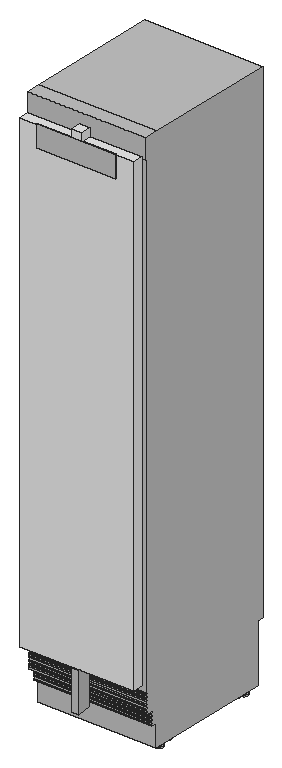
Revit family "FP_Revit_18_RS1884FLJK1_Freezer_90001046A", category Specialty Equipment, Revit 2018
Family settings
  Round Connector Dimension = Use Diameter
  Part Type = Normal
  OmniClass Number = 23.40.40.11.11
  OmniClass Title = Refrigerators and Freezers
  Work Plane-Based = No
  Always vertical = Yes
  Cut with Voids When Loaded = Yes
  Shared = No
  Room Calculation Point = No
Parameters (values of type "RS1884FLJ1")
  Visibility - Water Connection = yes
  Visibility - Visibility Control Note = yes
  Visibility - Clearance Required = yes
  URL = "www.fisherpaykel.com"
  Stainless Steel Door Panels (RD1884L4D) = no
  Product - Width = 451 mm  # constant formula
  Product - Height = 2134 mm  # constant formula
  Product - Depth (exl front panel) = 610 mm  # constant formula
  Model = "RS1884FLJ1"
  Material - Handle = Fisher & Paykel - Aluminium
  Material - Door Structure = Fisher & Paykel - White
  Material - Door Front = Fisher & Paykel - Stainless Steel
  Material - Body = Fisher & Paykel - Grey
  Manufacturer = "Fisher & Paykel Appliances"
  Handle Style - Professional Square (AHV2-RD84) = no
  Handle Style - Professional Round (AHC-RD84) = no
  Handle Style - Contemporary Square (AHD3-RD84) = no
  Handle Style - Contemporary Round (AHS-RD84) = no
  Description = "18\" Integrated Column Freezer with internal ice maker, white interior"
  Connector Description - Water = "1/4\" (6mm) comp. stainless steel braided hose"
  Connector Description - Electrical = "120 V, 10 amp fused electrical supply"
  Cavity - Width = 457 mm  # constant formula
  Cavity - Height = 2134 mm  # constant formula
  Cavity - Depth = 635 mm  # constant formula
Types (3, lengths in mm): name | Model | Description
  (no name) | "RS1884FLJ1" | "18\" Integrated Column Freezer with internal ice maker, white interior"
  RS1884FLJK1 | "RS1884FLJK1" | "18\" Integrated Column Freezer with internal ice maker, stainless steel interior"
  RS1884FLJ1 | "RS1884FLJ1" | "18\" Integrated Column Freezer with internal ice maker, white interior"
Reference planes
  plane 1 "Datum": y = 0
  plane 2: z = 0
  plane 3 "Center (Left/Right)": x = 0
  plane 4 "Product LHS": x = -225.5
  plane 5 "Product RHS": x = 225.5
  plane 6 "Product - Depth": y = 610
  plane 7 "Cavity LHS": x = -228.5
  plane 8 "Cavity RHS": x = 228.5
  plane 9 "Cavity - Depth": y = 612.9
  plane 10 "Handle Offset": x = 162.5
  plane 11 "Product Height": z = 2134
  plane 12 "Cavity Height": z = 2134
  plane 13 "Door Panel Datum": y = -4.1
Forms (mm)
  Extrusion 1, solid, material "Fisher & Paykel - Grey" <- "Material - Body", detail levels fine
    sketch origin (0, 0, 0) x (0, 1, 0) y (0, 0, 1)
      loop
        line (100.1, 19.1) -> (587.9, 19.1) -> (587.9, 239.7) -> (610, 239.7) -> (610, 2131.9) -> (105.1, 2131.9) -> (105.1, 2134) -> (49.9, 2134) -> (49.9, 2059) -> (56, 2059) -> (56, 228.6) -> (59.5, 228.6) -> (59.5, 219.7) -> (56.5, 219.7) -> (56.5, 215.9) -> (59.5, 215.9) -> (59.5, 207) -> (56.5, 207) -> (56.5, 203.2) -> (59.5, 203.2) -> (59.5, 194.3) -> (56.5, 194.3) -> (56.5, 190.5) -> (59.5, 190.5) -> (59.5, 181.6) -> (56.5, 181.6) -> (56.5, 177.8) -> (59.5, 177.8) -> (59.5, 168.9) -> (56.5, 168.9) -> (56.5, 165.1) -> (59.5, 165.1) -> (59.5, 156.2) -> (56.5, 156.2) -> (56.5, 152.4) -> (84.1, 152.4) -> (84.1, 143.5) -> (81.1, 143.5) -> (81.1, 139.7) -> (84.1, 139.7) -> (84.1, 130.8) -> (81.1, 130.8) -> (81.1, 127) -> (84.1, 127) -> (84.1, 118.1) -> (81.1, 118.1) -> (81.1, 114.3) -> (84.1, 114.3) -> (84.1, 105.4) -> (81.1, 105.4) -> (81.1, 101.6) -> (100.1, 101.6) -> (100.1, 19.1)
    from -225.5 to 225.5
  Extrusion 2, solid, material "Fisher & Paykel - Grey" <- "Material - Body"
    sketch origin (0, 0, 0) x (1, 0, 0) y (0, 1, 0)
      loop
        circle (-205, 547.8) r 4.1
      loop
        circle (-205, 141.8) r 4.1
      loop
        circle (205, 547.8) r 4.1
      loop
        circle (205, 141.8) r 4.1
    from 3 to 19.5
  Extrusion 3, solid, material "Fisher & Paykel - Grey" <- "Material - Body"
    sketch origin (0, 0, 0) x (1, 0, 0) y (0, 1, 0)
      loop
        circle (-205, 547.8) r 14.5
      loop
        circle (-205, 141.8) r 14.555
      loop
        circle (205, 547.8) r 14.5
      loop
        circle (205, 141.8) r 14.555
    from 0 to 3
  Extrusion 4, solid, material "Fisher & Paykel - Grey" <- "Material - Body", detail levels fine
    sketch origin (0, 0, 0) x (1, 0, 0) y (0, 1, 0)
      loop
        line (-7.5, 49) -> (-13.797, -4.1) -> (13.797, -4.1) -> (7.5, 49) -> (-7.5, 49)
    from 104.2 to 254.2
  Extrusion 5, solid, material "Fisher & Paykel - Grey" <- "Material - Body", detail levels fine
    sketch origin (0, 0, 0) x (0, 1, 0) y (0, 0, 1)
      loop
        line (0, 2070.6) -> (0, 1988.6) -> (2, 1988.6) -> (2, 2068.6) -> (4, 2068.6) -> (4, 2070.6) -> (0, 2070.6)
    from -150 to 150
  Extrusion 6, solid, material "Fisher & Paykel - Grey" <- "Material - Body"
    sketch origin (0, 0, 0) x (1, 0, 0) y (0, 0, 1)
      loop
        circle (150.5, 119.813) r 5
      loop
        circle (-150.5, 119.813) r 5
    from -590 to -587.9
  Extrusion 7, solid, material "Fisher & Paykel - White" <- "Material - Door Structure"
    sketch origin (0, 0, 0) x (1, 0, 0) y (0, 1, 0)
      loop
        line (-200.5, 56) -> (-200.5, 42) -> (200.5, 42) -> (200.5, 56) -> (-200.5, 56)
    from 269.6 to 2030.7
  Extrusion 8, solid, material "Fisher & Paykel - White" <- "Material - Door Structure"
    sketch origin (0, 0, 0) x (1, 0, 0) y (0, 1, 0)
      loop
        line (-216.9, 42) -> (-216.9, 3) -> (216.9, 3) -> (216.9, 42) -> (-216.9, 42)
    from 254.2 to 2068.6
  Extrusion 9, solid, material "Fisher & Paykel - White" <- "Material - Door Structure", detail levels fine
    sketch origin (0, 0, 0) x (1, 0, 0) y (0, 0, 1)
      loop
        line (-18.92, 2100.1) -> (-18.92, 2068.6) -> (18.92, 2068.6) -> (18.92, 2100.1) -> (-18.92, 2100.1)
    from -42 to -3
  Extrusion 10, solid, material "Fisher & Paykel - Stainless Steel" <- "Material - Door Front", visible <- "Stainless Steel Door Panels (RD1884L4D)"
    sketch origin (0, 0, 0) x (0, 1, 0) y (0, 0, 1)
      loop
        line (-22.1, 2130.8) -> (-22.1, 102) -> (-4.1, 102) -> (-4.1, 2130.8) -> (-22.1, 2130.8)
    from -225.5 to 225.5
  Extrusion 11, solid, material "Fisher & Paykel - Grey" <- "Material - Body", detail levels coarse+medium
    sketch origin (0, 0, 0) x (0, 1, 0) y (0, 0, 1)
      loop
        line (49.9, 2134) -> (49.9, 2059) -> (56, 2059) -> (56, 152.4) -> (81.1, 152.4) -> (81.1, 101.6) -> (100.1, 101.6) -> (100.1, 19.1) -> (587.9, 19.1) -> (587.9, 239.7) -> (610, 239.7) -> (610, 2134) -> (49.9, 2134)
    from -225.5 to 225.5
  Extrusion 12, solid, material "Fisher & Paykel - Grey" <- "Material - Body", not visible, detail levels fine
    sketch origin (0, 0, 0) x (-1, 0, 0) y (0, 0, -1)
      loop
        line (213.9, -187.65) -> (18.92, -187.65) -> (18.92, -229.75) -> (213.9, -229.75) -> (213.9, -187.65)
    from -56 to -2.5
  Extrusion 13, solid, material "Fisher & Paykel - Grey" <- "Material - Body", not visible, detail levels fine
    sketch origin (0, 0, 0) x (-1, 0, 0) y (0, 0, -1)
      loop
        line (213.9, -2123.15) -> (213.9, -2081.05) -> (18.92, -2081.05) -> (18.92, -2123.15) -> (213.9, -2123.15)
    from -49 to -2.5
  Extrusion 14, solid, material "Fisher & Paykel - Grey" <- "Material - Body", detail levels fine
    sketch origin (0, 0, -4) x (0, 1, 0) y (0, 0, 1)
      loop
        arc (163.888, 23.1) -> (180.4, 13.63) -> (196.912, 23.1) r 19.13
        line (196.912, 23.1) -> (163.888, 23.1)
      loop
        arc (493.888, 23.1) -> (510.4, 13.63) -> (526.912, 23.1) r 19.13
        line (526.912, 23.1) -> (493.888, 23.1)
    from 191 to 219
  Extrusion 15, solid, material "Fisher & Paykel - Grey" <- "Material - Body", detail levels fine
    sketch origin (0, 0, -4) x (0, 1, 0) y (0, 0, -1)
      loop
        line (163.888, -23.1) -> (196.912, -23.1)
        arc (196.912, -23.1) -> (180.4, -13.63) -> (163.888, -23.1) r 19.13
      loop
        line (493.888, -23.1) -> (526.912, -23.1)
        arc (526.912, -23.1) -> (510.4, -13.63) -> (493.888, -23.1) r 19.13
    from 191 to 219
  Extrusion 16, solid, material "Fisher & Paykel - Clearance Required", visible <- "Visibility - Clearance Required", detail levels coarse
    sketch origin (0, 0, 0) x (1, 0, 0) y (0, 1, 0)
      loop
        line (-228.5, 612.9) -> (-228.5, -4.1) -> (228.5, -4.1) -> (228.5, 612.9) -> (-228.5, 612.9)
    from 0 to 2134
  Extrusion 17, void
    sketch origin (0, 0, 0) x (1, 0, 0) y (0, 1, 0)
      loop
        line (-228.5, 612.9) -> (-228.5, -22.1) -> (228.5, -22.1) -> (228.5, 612.9) -> (-228.5, 612.9)
    from 0 to 2134
  Extrusion 18, solid, material "Fisher & Paykel - Clearance Required", visible <- "Visibility - Clearance Required", detail levels coarse
    sketch origin (0, 0, 0) x (-1, 0, 0) y (0, -1, 0)
      loop
        arc (225.5, 22.1) -> (228.203, 56.776) -> (262.718, 61.068) r 27.5
        line (262.718, 61.068) -> (415.635, 388.999) -> (441.854, 376.772)
        arc (441.854, 376.772) -> (467.405, 384.437) -> (458.764, 409.674) r 18.51
        line (458.764, 409.674) -> (431.257, 422.501) -> (453.319, 469.813)
        arc (453.319, 469.813) -> (-5.304, 426.707) -> (-225.5, 22.1) r 490
        line (-225.5, 22.1) -> (225.5, 22.1)
    from 0 to 2134
  Extrusion 19, solid, material "Fisher & Paykel - Grey" <- "Material - Body", not visible, detail levels fine
    sketch origin (0, 0, 0) x (-1, 0, 0) y (0, 0, -1)
      loop
        line (41.9, -254.2) -> (206.9, -254.2) -> (206.9, -229.75) -> (41.9, -229.75) -> (41.9, -254.2)
      loop
        line (29.5, -2081.05) -> (166.9, -2081.05) -> (206.9, -2076.05) -> (206.9, -2068.6) -> (29.5, -2068.6) -> (29.5, -2081.05)
    from -7 to -4
Lines and regions (mm)
  model lines, style "Fisher & Paykel"
    curve 1: line (-225.5, -4.1, 2130.8) -> (225.5, -4.1, 2130.8)
    curve 2: line (-225.5, -4.1, 102) -> (-225.5, -4.1, 2130.8)
    curve 3: line (225.5, -4.1, 102) -> (-225.5, -4.1, 102)
    curve 4: line (225.5, -4.1, 2130.8) -> (225.5, -4.1, 102)
Text (mm)
  text "Due to ongoing product development, product details are subject to change without notice. \nPlease always refer to www.fisherpaykel.com for the most current product information. \n© Fisher & Paykel 2020" at (41.04, -588.295, 0), in view "Ref. Level (Plan)"
Dimensions and locks
  equal spacing: plane 4 "Product LHS", plane 3 "Center (Left/Right)", plane 5 "Product RHS"
  "Product - Width": plane 4 "Product LHS" to plane 5 "Product RHS"
  "Product - Depth (exl front panel)": plane 1 "Datum" to plane 6 "Product - Depth"
  equal spacing: plane 7 "Cavity LHS", plane 3 "Center (Left/Right)", plane 8 "Cavity RHS"
  "Cavity - Width": plane 7 "Cavity LHS" to plane 8 "Cavity RHS"
  plane 4 "Product LHS" to Extrusion 2 sketch curve = 24.6 mm
  Extrusion 6 sketch curve to Extrusion 1 = 119.887 mm  (x2)
  Extrusion 6 sketch curve to plane 5 "Product RHS" = 75 mm
  plane 4 "Product LHS" to Extrusion 6 sketch curve = 75 mm
  Extrusion 1 sketch curve to Extrusion 1 sketch curve = 82.5 mm
  Extrusion 1 sketch curve to Extrusion 1 sketch curve = 209.5 mm
  Extrusion 1 sketch curve to Extrusion 1 sketch curve = 220.6 mm
  Extrusion 3 to level = 3 mm
  Extrusion 11 to Extrusion 8 = 235.1 mm
  Extrusion 11 to Extrusion 7 = 250.5 mm
  Extrusion 11 to Extrusion 11 = 2114.9 mm
  "Product - Height": level to plane 11 "Product Height"
  plane 11 "Product Height" to Extrusion 10 = 3.2 mm
  Extrusion 8 to plane 11 "Product Height" = 65.4 mm
  Extrusion 7 to plane 11 "Product Height" = 103.3 mm
  Extrusion 11 sketch curve to plane 11 "Product Height" = 75 mm
  Extrusion 1 sketch curve to plane 11 "Product Height" = 2.1 mm
  Extrusion 1 sketch curve to plane 11 "Product Height" = 75 mm
  "Cavity - Height": plane 12 "Cavity Height" to level
  plane 1 "Datum" to Extrusion 16 = 612.9 mm
  plane 1 "Datum" to Extrusion 17 = 612.9 mm
  plane 4 "Product LHS" to plane 10 "Handle Offset" = 388 mm
  plane 4 "Product LHS" to Extrusion 19 sketch curve = 18.6 mm
  Extrusion 19 sketch curve to plane 4 "Product LHS" = 196 mm
  plane 4 "Product LHS" to Extrusion 19 sketch curve = 58.6 mm
  plane 1 "Datum" to Extrusion 18 = 22.1 mm
  "Cavity - Depth": plane 9 "Cavity - Depth" to Extrusion 18
  plane 10 "Handle Offset" to plane 5 "Product RHS" = 63 mm
  radius of Extrusion 6 sketch curve = 5 mm
  aligned and locked: level to plane 2
  aligned and locked: Extrusion 10 to plane 5 "Product RHS"
  aligned and locked: plane 4 "Product LHS" to Extrusion 10
  aligned and locked: Extrusion 11 to plane 5 "Product RHS"
  aligned and locked: Extrusion 11 to plane 4 "Product LHS"
  aligned and locked: Extrusion 11 sketch curve to plane 11 "Product Height"
  aligned and locked: plane 11 "Product Height" to Extrusion 1 sketch curve
  aligned and locked: Extrusion 14 sketch curve to Extrusion 14 sketch curve
  aligned and locked: Extrusion 15 sketch curve to Extrusion 15 sketch curve
  aligned and locked: Extrusion 1 to plane 5 "Product RHS"
  aligned and locked: plane 4 "Product LHS" to Extrusion 1
  aligned and locked: Extrusion 11 sketch curve to Extrusion 1  (x4)
  aligned and locked: nested 5 to plane 10 "Handle Offset"
  aligned and locked: nested 4 to plane 10 "Handle Offset"
  aligned and locked: nested 3 to plane 10 "Handle Offset"
  aligned and locked: nested 2 to plane 10 "Handle Offset"
Automatic sketch dimensions
  Extrusion 1 sketch curve to plane 6 "Product - Depth" = 0 mm
  Extrusion 1 sketch curve to Extrusion 1 sketch curve = 22.1 mm
  Extrusion 1 sketch curve to plane 1 "Datum" = 105.1 mm
  level to Extrusion 1 sketch curve = 19.1 mm
  Extrusion 1 sketch curve to plane 1 "Datum" = 100.1 mm
  Extrusion 1 sketch curve to Extrusion 1 sketch curve = 16 mm
  Extrusion 1 sketch curve to Extrusion 1 sketch curve = 0 mm  (x8)
  Extrusion 1 sketch curve to Extrusion 1 sketch curve = 3 mm  (x10)
  Extrusion 1 sketch curve to plane 1 "Datum" = 59.5 mm
  Extrusion 1 sketch curve to plane 1 "Datum" = 56 mm
  Extrusion 1 sketch curve to plane 1 "Datum" = 49.9 mm
  Extrusion 1 sketch curve to Extrusion 1 sketch curve = 3.8 mm  (x10)
  Extrusion 1 sketch curve to Extrusion 1 sketch curve = 8.9 mm  (x9)
  Extrusion 2 sketch curve to plane 4 "Product LHS" = 20.5 mm  (x2)
  plane 5 "Product RHS" to Extrusion 2 sketch curve = 20.5 mm  (x2)
  Extrusion 2 sketch curve to plane 1 "Datum" = 141.8 mm  (x2)
  Extrusion 2 sketch curve to plane 6 "Product - Depth" = 62.2 mm  (x2)
  Extrusion 3 sketch curve to plane 4 "Product LHS" = 20.5 mm  (x2)
  plane 5 "Product RHS" to Extrusion 3 sketch curve = 20.5 mm  (x2)
  Extrusion 3 sketch curve to plane 1 "Datum" = 141.8 mm  (x2)
  Extrusion 3 sketch curve to plane 6 "Product - Depth" = 62.2 mm  (x2)
  plane 1 "Datum" to Extrusion 4 sketch curve = 4.1 mm
  Extrusion 4 sketch curve to plane 3 "Center (Left/Right)" = 13.797 mm
  Extrusion 4 sketch curve to plane 3 "Center (Left/Right)" = 7.5 mm
  plane 3 "Center (Left/Right)" to Extrusion 4 sketch curve = 7.5 mm
  plane 3 "Center (Left/Right)" to Extrusion 4 sketch curve = 13.797 mm
  Extrusion 4 sketch curve to plane 1 "Datum" = 49 mm
  Extrusion 5 sketch curve to plane 1 "Datum" = 0 mm
  Extrusion 5 sketch curve to plane 1 "Datum" = 2 mm
  Extrusion 5 sketch curve to Extrusion 5 sketch curve = 2 mm  (x2)
  plane 11 "Product Height" to Extrusion 5 sketch curve = 145.4 mm
  plane 11 "Product Height" to Extrusion 5 sketch curve = 65.4 mm
  Extrusion 7 sketch curve to plane 4 "Product LHS" = 25 mm
  plane 5 "Product RHS" to Extrusion 7 sketch curve = 25 mm
  Extrusion 7 sketch curve to plane 1 "Datum" = 42 mm
  Extrusion 7 sketch curve to Extrusion 7 sketch curve = 14 mm
  Extrusion 8 sketch curve to plane 1 "Datum" = 3 mm
  Extrusion 8 sketch curve to plane 4 "Product LHS" = 8.6 mm
  plane 5 "Product RHS" to Extrusion 8 sketch curve = 8.6 mm
  Extrusion 8 sketch curve to Extrusion 8 sketch curve = 39 mm
  Extrusion 9 sketch curve to plane 3 "Center (Left/Right)" = 18.92 mm
  plane 3 "Center (Left/Right)" to Extrusion 9 sketch curve = 18.92 mm
  plane 11 "Product Height" to Extrusion 9 sketch curve = 65.4 mm
  Extrusion 9 sketch curve to Extrusion 9 sketch curve = 31.5 mm
  plane 1 "Datum" to Extrusion 10 sketch curve = 22.1 mm
  plane 1 "Datum" to Extrusion 10 sketch curve = 4.1 mm
  level to Extrusion 10 sketch curve = 102 mm
  plane 11 "Product Height" to Extrusion 10 sketch curve = 3.2 mm
  Extrusion 11 sketch curve to plane 6 "Product - Depth" = 0 mm
  Extrusion 11 sketch curve to plane 6 "Product - Depth" = 22.1 mm
  Extrusion 11 sketch curve to plane 1 "Datum" = 100.1 mm
  Extrusion 11 sketch curve to Extrusion 11 sketch curve = 19 mm
  Extrusion 11 sketch curve to plane 1 "Datum" = 56 mm
  Extrusion 11 sketch curve to plane 1 "Datum" = 49.9 mm
  plane 3 "Center (Left/Right)" to Extrusion 12 sketch curve = 18.92 mm
  plane 4 "Product LHS" to Extrusion 12 sketch curve = 11.6 mm
  Extrusion 12 sketch curve to level = 187.65 mm
  Extrusion 12 sketch curve to Extrusion 12 sketch curve = 42.1 mm
  plane 3 "Center (Left/Right)" to Extrusion 13 sketch curve = 18.92 mm
  plane 4 "Product LHS" to Extrusion 13 sketch curve = 11.6 mm
  Extrusion 13 sketch curve to plane 11 "Product Height" = 52.95 mm
  Extrusion 13 sketch curve to plane 11 "Product Height" = 10.85 mm
  level to Extrusion 14 sketch curve = 19.1 mm
  Extrusion 14 sketch curve to plane 1 "Datum" = 163.888 mm
  Extrusion 14 sketch curve to Extrusion 14 sketch curve = 16.512 mm  (x2)
  Extrusion 14 sketch curve to plane 6 "Product - Depth" = 116.112 mm
  Extrusion 14 sketch curve to Extrusion 14 sketch curve = 9.66 mm  (x2)
  level to Extrusion 15 sketch curve = 19.1 mm
  Extrusion 15 sketch curve to plane 1 "Datum" = 163.888 mm
  Extrusion 15 sketch curve to Extrusion 15 sketch curve = 16.512 mm  (x2)
  Extrusion 15 sketch curve to plane 6 "Product - Depth" = 116.112 mm
  Extrusion 15 sketch curve to Extrusion 15 sketch curve = 9.66 mm  (x2)
  Extrusion 16 sketch curve to plane 7 "Cavity LHS" = 0 mm
  Extrusion 16 sketch curve to plane 8 "Cavity RHS" = 0 mm
  Extrusion 16 sketch curve to plane 9 "Cavity - Depth" = 0 mm
  plane 1 "Datum" to Extrusion 16 sketch curve = 4.1 mm
  Extrusion 17 sketch curve to plane 7 "Cavity LHS" = 0 mm
  Extrusion 17 sketch curve to plane 8 "Cavity RHS" = 0 mm
  plane 9 "Cavity - Depth" to Extrusion 17 sketch curve = 0 mm
  plane 1 "Datum" to Extrusion 17 sketch curve = 22.1 mm
  Extrusion 18 sketch curve to plane 5 "Product RHS" = 0 mm
  plane 4 "Product LHS" to Extrusion 18 sketch curve = 0 mm
  Extrusion 18 sketch curve to plane 7 "Cavity LHS" = 19.59 mm
  Extrusion 18 sketch curve to Extrusion 18 sketch curve = 14.629 mm
  Extrusion 18 sketch curve to plane 1 "Datum" = 17.663 mm
  Extrusion 18 sketch curve to Extrusion 18 sketch curve = 16.39 mm
  Extrusion 18 sketch curve to plane 7 "Cavity LHS" = 187.135 mm
  Extrusion 18 sketch curve to Extrusion 18 sketch curve = 15.622 mm
  Extrusion 18 sketch curve to Extrusion 18 sketch curve = 26.219 mm
  Extrusion 18 sketch curve to Extrusion 18 sketch curve = 9.088 mm
  Extrusion 18 sketch curve to Extrusion 18 sketch curve = 22.062 mm
  Extrusion 18 sketch curve to Extrusion 18 sketch curve = 7.823 mm
  Extrusion 18 sketch curve to plane 1 "Datum" = 22.1 mm
  Extrusion 18 sketch curve to Extrusion 18 sketch curve = 20.12 mm
  Extrusion 18 sketch curve to Extrusion 18 sketch curve = 93.041 mm
  Extrusion 18 sketch curve to Extrusion 18 sketch curve = 16.126 mm
  plane 3 "Center (Left/Right)" to Extrusion 19 sketch curve = 41.9 mm
  plane 4 "Product LHS" to Extrusion 19 sketch curve = 18.6 mm
  Extrusion 19 sketch curve to level = 229.75 mm
  Extrusion 19 sketch curve to Extrusion 19 sketch curve = 24.45 mm
  Extrusion 19 sketch curve to plane 11 "Product Height" = 65.4 mm
  Extrusion 19 sketch curve to Extrusion 19 sketch curve = 7.45 mm
  Extrusion 19 sketch curve to Extrusion 19 sketch curve = 5 mm
  plane 5 "Product RHS" to curve 1 = 0 mm
  plane 4 "Product LHS" to curve 3 = 0 mm
  level to curve 3 = 102 mm
  plane 11 "Product Height" to curve 2 = 3.2 mm
  radius of Extrusion 2 sketch curve = 4.1 mm  (x3)
  radius of Extrusion 3 sketch curve = 14.5 mm  (x2)
  radius of Extrusion 3 sketch curve = 14.555 mm  (x2)
  radius of Extrusion 6 sketch curve = 5 mm
Nested families
  nested 1: "Visibility Control Note 18" at (0, 0, 0), visible <- "Visibility - Visibility Control Note", type "Visibility Control Note 18"
  nested 2: "Handle Contemporary Round - Vertical" at (162.5, -22.1, 1242.58), visible <- "Handle Style - Contemporary Round (AHS-RD84)", type "AHS-RD84 - Contemporary round handle (Vertical) 852mm"
  nested 3: "Handle Professional Round - Vertical" at (162.5, -22.1, 1242.58), visible <- "Handle Style - Professional Round (AHC-RD84)", type "AHC-RD84 - Professional round handle (Vertical) 786mm"
  nested 4: "Handle Professional Square - Vertical" at (162.5, -22.1, 1242.58), visible <- "Handle Style - Professional Square (AHV2-RD84)", type "AHV2-RD84 - Professional square handle (Vertical) 792mm"
  nested 5: "Handle Contemporary Square - Vertical" at (162.5, -22.1, 1242.58), visible <- "Handle Style - Contemporary Square (AHD3-RD84)", type "AHD3-RD84 - Contemporary square handle (Vertical) 852mm"
Connectors
  electrical at (-150.5, 590, 119.813), driven by "Connector Description - Electrical"
    settings: on Extrusion 6, index 1, voltage 120 V, apparent load 0 VA, apparent load phase1 0 VA, apparent load phase2 0 VA, apparent load phase3 0 VA, power factor 1, load classification "Other", number of poles 1, system type 30, power factor state 1, is connector primary yes, connector utility no, sub classification motor no, connector description "120 V, 10 amp fused electrical supply"
  piping at (150.5, 590, 119.813), diameter 12.7, driven by "Connector Description - Water", driven by "Visibility - Water Connection"
    settings: on Extrusion 6, index 2, connector inside diameter 609.6 mm, connector length 0 mm, flow factor 0, pipe flow 0.0 L/s, pressure drop 0.0 Pa, fitting loss kfactor 0, connector angle 0.00°, fixture units 0, engagement length 0 mm, angle of deflection 0.00°, flow configuration 0, flow direction 1, fitting loss method 0, system type 20, joint type 0, gender type 0, connector reference index -1, connector utility 1, adjustable connector no, is connector primary yes, connector description "1/4\" (6mm) comp. stainless steel braided hose"
Definition of nested family "Handle Contemporary Round - Vertical"
  Parameters (values of type "AHSRS80A - Contemporary round handle (1 of 2) (Vertical) 727mm")
    URL = "www.fisherpaykel.com"
    Material - Handle = none
    Manufacturer = "Fisher & Paykel Appliances"
    Handle - Length = 727 mm
  Types (6, lengths in mm): name | Handle - Length
    AHS-RD21 - Contemporary round handle (Vertical) 852mm | 852
    AHSRD2484W - Contemporary round handle (1 of 2) (Vertical) 727mm | 727
    AHSRD3084W - Contemporary round handle (1 of 2) (Vertical) 727mm | 727
    AHS-RD84 - Contemporary round handle (Vertical) 852mm | 852
    AHSRS3272A - Contemporary round handle (1 of 2) (Vertical) 727mm | 727
    AHSRS80A - Contemporary round handle (1 of 2) (Vertical) 727mm | 727
  Reference planes
    plane 1 "Center (Front/Back)": y = 0
    plane 2: z = 0
    plane 3 "Center (Left/Right)": x = 0
    plane 4 "Top": z = 363.5
    plane 5 "Bottom": z = -363.5
    plane 6 "Top Standoff": z = 243.5
    plane 7 "Bottom Standoff": z = -243.5
  Forms (mm)
    Extrusion 1, solid, material <- "Material - Handle"
      sketch origin (0, 0, 0) x (1, 0, 0) y (0, 1, 0)
        loop
          circle (0, -32.3) r 8.7
      from -243.5 to 243.5
    Extrusion 2, solid, material <- "Material - Handle", detail levels fine
      sketch origin (0, 0, 0) x (1, 0, 0) y (0, 1, 0)
        loop
          line (-8.7, 0) -> (-8.7, -32.3)
          arc (-8.7, -32.3) -> (0, -41) -> (8.7, -32.3) r 8.7
          line (8.7, -32.3) -> (8.7, 0) -> (-8.7, 0)
      from 243.5 to 363.5
    Extrusion 3, solid, material <- "Material - Handle", detail levels fine
      sketch origin (0, 0, 0) x (1, 0, 0) y (0, 1, 0)
        loop
          line (-8.7, 0) -> (-8.7, -32.3)
          arc (-8.7, -32.3) -> (0, -41) -> (8.7, -32.3) r 8.7
          line (8.7, -32.3) -> (8.7, 0) -> (-8.7, 0)
      from -363.5 to -243.5
    Sweep 4, void
      path in 3D
        loop
          line (8.7, 0, -363.5) -> (8.7, -32.3, -363.5)
          arc (8.7, -32.3, -363.5) -> (0, -41, -363.5) -> (-8.7, -32.3, -363.5) r 8.7
          line (-8.7, -32.3, -363.5) -> (-8.7, 0, -363.5)
      profile origin (8.7, -16.15, -363.5) x (-1, 0, 0) y (0, 0, -1)
        loop
          line (0, 0) -> (0, -1) -> (1, 0) -> (0, 0)
    Sweep 5, void
      path in 3D
        loop
          line (-8.7, 0, 363.5) -> (-8.7, -32.3, 363.5)
          arc (-8.7, -32.3, 363.5) -> (0, -41, 363.5) -> (8.7, -32.3, 363.5) r 8.7
          line (8.7, -32.3, 363.5) -> (8.7, 0, 363.5)
      profile origin (8.7, -16.15, 363.5) x (-1, 0, 0) y (0, 0, 1)
        loop
          line (0, 0) -> (0, -1) -> (1, 0) -> (0, 0)
    Extrusion 6, solid, material <- "Material - Handle", detail levels coarse+medium
      sketch origin (0, 0, 0) x (1, 0, 0) y (0, 1, 0)
        loop
          line (-8.7, 0) -> (-8.7, -32.3)
          arc (-8.7, -32.3) -> (0, -41) -> (8.7, -32.3) r 8.7
          line (8.7, -32.3) -> (8.7, 0) -> (-8.7, 0)
      from 243.5 to 363.5
    Extrusion 7, solid, material <- "Material - Handle", detail levels coarse+medium
      sketch origin (0, 0, 0) x (1, 0, 0) y (0, 1, 0)
        loop
          line (-8.7, 0) -> (-8.7, -32.3)
          arc (-8.7, -32.3) -> (0, -41) -> (8.7, -32.3) r 8.7
          line (8.7, -32.3) -> (8.7, 0) -> (-8.7, 0)
      from -363.5 to -243.5
  Cuts and joins
    Sweep 4 cuts Extrusion 3
    Sweep 5 cuts Extrusion 2
  Lines and regions (mm)
    sketch lines
      curve 1: line (8.7, 0, -363.5) -> (8.7, -32.3, -363.5)
      curve 2: arc (-8.7, -32.3, -363.5) -> (0, -41, -363.5) -> (8.7, -32.3, -363.5) r 8.7
      curve 3: line (-8.7, -32.3, -363.5) -> (-8.7, 0, -363.5)
      curve 4: line (8.7, -32.3, 363.5) -> (8.7, 0, 363.5)
      curve 5: arc (8.7, -32.3, 363.5) -> (0, -41, 363.5) -> (-8.7, -32.3, 363.5) r 8.7
      curve 6: line (-8.7, 0, 363.5) -> (-8.7, -32.3, 363.5)
  Dimensions and locks
    equal spacing: plane 4 "Top", level, plane 5 "Bottom"
    "Handle - Length": plane 4 "Top" to plane 5 "Bottom"
    locked: plane 4 "Top" to plane 6 "Top Standoff" at 120
    locked: plane 7 "Bottom Standoff" to plane 5 "Bottom" at 120
    Extrusion 2 sketch curve to Extrusion 2 sketch curve = 17.4 mm
    Extrusion 3 sketch curve to Extrusion 3 sketch curve = 17.4 mm
    Extrusion 6 sketch curve to Extrusion 6 sketch curve = 17.4 mm
    Extrusion 7 sketch curve to Extrusion 7 sketch curve = 17.4 mm
    aligned and locked: level to plane 2
    aligned and locked: plane 4 "Top" to Extrusion 2
    aligned and locked: Extrusion 3 to plane 5 "Bottom"
    aligned and locked: plane 7 "Bottom Standoff" to Extrusion 3
    aligned and locked: Extrusion 1 to plane 7 "Bottom Standoff"
    aligned and locked: plane 6 "Top Standoff" to Extrusion 1
    aligned and locked: Extrusion 2 to Extrusion 1
    aligned and locked: Extrusion 6 to Extrusion 1
    aligned and locked: plane 4 "Top" to Extrusion 6
    aligned and locked: Extrusion 7 to Extrusion 1
    aligned and locked: Extrusion 7 to plane 5 "Bottom"
  Automatic sketch dimensions
    Extrusion 1 sketch curve to plane 3 "Center (Left/Right)" = 0 mm
    plane 1 "Center (Front/Back)" to Extrusion 1 sketch curve = 32.3 mm
    plane 1 "Center (Front/Back)" to Extrusion 2 sketch curve = 0 mm
    Extrusion 2 sketch curve to plane 3 "Center (Left/Right)" = 0 mm
    Extrusion 2 sketch curve to plane 3 "Center (Left/Right)" = 8.7 mm
    plane 1 "Center (Front/Back)" to Extrusion 2 sketch curve = 32.3 mm
    plane 1 "Center (Front/Back)" to Extrusion 3 sketch curve = 0 mm
    Extrusion 3 sketch curve to plane 3 "Center (Left/Right)" = 0 mm
    Extrusion 3 sketch curve to plane 3 "Center (Left/Right)" = 8.7 mm
    plane 1 "Center (Front/Back)" to Extrusion 3 sketch curve = 32.3 mm
    Sweep 4 sketch curve to profile plane = 0 mm  (x2)
    Sweep 4 sketch curve to profile plane = 1 mm  (x2)
    Sweep 5 sketch curve to profile plane = 0 mm  (x2)
    Sweep 5 sketch curve to profile plane = 1 mm  (x2)
    Extrusion 6 sketch curve to plane 3 "Center (Left/Right)" = 0 mm
    Extrusion 6 sketch curve to plane 3 "Center (Left/Right)" = 8.7 mm
    plane 1 "Center (Front/Back)" to Extrusion 6 sketch curve = 32.3 mm
    Extrusion 6 sketch curve to Extrusion 6 sketch curve = 32.3 mm
    Extrusion 7 sketch curve to plane 3 "Center (Left/Right)" = 0 mm
    Extrusion 7 sketch curve to plane 3 "Center (Left/Right)" = 8.7 mm
    plane 1 "Center (Front/Back)" to Extrusion 7 sketch curve = 32.3 mm
    Extrusion 7 sketch curve to Extrusion 7 sketch curve = 32.3 mm
    radius of Extrusion 1 sketch curve = 8.7 mm
Definition of nested family "Handle Professional Round - Vertical"
  Parameters (values of type "AHCRD2484W - Professional round handle (1 of 2) (Vertical) 661mm")
    URL = "www.fisherpaykel.com"
    Material - Standoff = none
    Material - Handle = none
    Manufacturer = "Fisher & Paykel Appliances"
    Handle - Length = 661 mm
  Types (5, lengths in mm): name | Handle - Length
    (no name) | 661
    AHCRD2484W - Professional round handle (1 of 2) (Vertical) 661mm | 661
    AHCRD3084W - Professional round handle (1 of 2) (Vertical) 661mm | 661
    AHC-RD84 - Professional round handle (Vertical) 786mm | 786
    AHCRS3272A - Professional round handle (1 of 2) (Vertical) 661mm | 661
  Reference planes
    plane 1 "Center (Front/Back)": y = 0
    plane 2: z = 0
    plane 3 "Center (Left/Right)": x = 0
    plane 4 "Top": z = 330.5
    plane 5 "Bottom": z = -330.5
    plane 6 "Top Standoff": z = 286.5
    plane 7 "Bottom Standoff": z = -286.5
  Forms (mm)
    Extrusion 1, solid, material <- "Material - Standoff", detail levels fine
      sketch origin (0, 0, 0) x (1, 0, 0) y (0, 1, 0)
        loop
          line (-18.5, 0) -> (-18.5, -39.4)
          arc (-18.5, -39.4) -> (0, -57.9) -> (18.5, -39.4) r 18.5
          line (18.5, -39.4) -> (18.5, 0) -> (-18.5, 0)
      from 286.5 to 330.5
    Extrusion 2, solid, material <- "Material - Standoff", detail levels fine
      sketch origin (0, 0, 0) x (1, 0, 0) y (0, 1, 0)
        loop
          line (-18.5, 0) -> (-18.5, -39.4)
          arc (-18.5, -39.4) -> (0, -57.9) -> (18.5, -39.4) r 18.5
          line (18.5, -39.4) -> (18.5, 0) -> (-18.5, 0)
      from -330.5 to -286.5
    Extrusion 3, solid, material <- "Material - Handle"
      sketch origin (0, 0, 0) x (1, 0, 0) y (0, 1, 0)
        loop
          circle (0, -39.4) r 12.7
      from -286.5 to 286.5
    Sweep 4, void
      path in 3D
        loop
          line (-18.5, 0, 330.5) -> (-18.5, -39.4, 330.5)
          arc (-18.5, -39.4, 330.5) -> (0, -57.9, 330.5) -> (18.5, -39.4, 330.5) r 18.5
          line (18.5, -39.4, 330.5) -> (18.5, 0, 330.5)
      profile origin (18.5, -19.7, 330.5) x (-1, 0, 0) y (0, 0, 1)
        loop
          line (0, 0) -> (0, -3) -> (3, 0) -> (0, 0)
    Sweep 5, void
      path in 3D
        loop
          line (18.5, 0, -330.5) -> (18.5, -39.4, -330.5)
          arc (18.5, -39.4, -330.5) -> (0, -57.9, -330.5) -> (-18.5, -39.4, -330.5) r 18.5
          line (-18.5, -39.4, -330.5) -> (-18.5, 0, -330.5)
      profile origin (18.5, -19.7, -330.5) x (-1, 0, 0) y (0, 0, -1)
        loop
          line (0, 0) -> (0, -3) -> (3, 0) -> (0, 0)
    Extrusion 6, solid, material <- "Material - Standoff", detail levels coarse+medium
      sketch origin (0, 0, 0) x (1, 0, 0) y (0, 1, 0)
        loop
          line (-18.5, 0) -> (-18.5, -39.4)
          arc (-18.5, -39.4) -> (0, -57.9) -> (18.5, -39.4) r 18.5
          line (18.5, -39.4) -> (18.5, 0) -> (-18.5, 0)
      from 286.5 to 330.5
    Extrusion 7, solid, material <- "Material - Standoff", detail levels coarse+medium
      sketch origin (0, 0, 0) x (1, 0, 0) y (0, 1, 0)
        loop
          line (-18.5, 0) -> (-18.5, -39.4)
          arc (-18.5, -39.4) -> (0, -57.9) -> (18.5, -39.4) r 18.5
          line (18.5, -39.4) -> (18.5, 0) -> (-18.5, 0)
      from -330.5 to -286.5
  Cuts and joins
    Sweep 4 cuts Extrusion 1
    Sweep 5 cuts Extrusion 2
  Lines and regions (mm)
    sketch lines
      curve 1: line (18.5, -39.4, 330.5) -> (18.5, 0, 330.5)
      curve 2: arc (18.5, -39.4, 330.5) -> (0, -57.9, 330.5) -> (-18.5, -39.4, 330.5) r 18.5
      curve 3: line (-18.5, 0, 330.5) -> (-18.5, -39.4, 330.5)
      curve 4: line (18.5, 0, -330.5) -> (18.5, -39.4, -330.5)
      curve 5: arc (-18.5, -39.4, -330.5) -> (0, -57.9, -330.5) -> (18.5, -39.4, -330.5) r 18.5
      curve 6: line (-18.5, -39.4, -330.5) -> (-18.5, 0, -330.5)
  Dimensions and locks
    equal spacing: plane 4 "Top", level, plane 5 "Bottom"
    "Handle - Length": plane 4 "Top" to plane 5 "Bottom"
    plane 4 "Top" to plane 6 "Top Standoff" = 44 mm
    plane 7 "Bottom Standoff" to plane 5 "Bottom" = 44 mm
    aligned and locked: level to plane 2
    aligned and locked: plane 4 "Top" to Extrusion 1
    aligned and locked: Extrusion 1 to plane 6 "Top Standoff"
    aligned and locked: Extrusion 2 to plane 5 "Bottom"
    aligned and locked: plane 7 "Bottom Standoff" to Extrusion 2
    aligned and locked: plane 6 "Top Standoff" to Extrusion 3
    aligned and locked: Extrusion 3 to plane 7 "Bottom Standoff"
    aligned and locked: plane 4 "Top" to Extrusion 6
    aligned and locked: Extrusion 7 to plane 5 "Bottom"
    aligned and locked: plane 7 "Bottom Standoff" to Extrusion 7
    aligned and locked: Extrusion 6 to plane 6 "Top Standoff"
  Automatic sketch dimensions
    plane 1 "Center (Front/Back)" to Extrusion 1 sketch curve = 0 mm
    Extrusion 1 sketch curve to plane 3 "Center (Left/Right)" = 0 mm
    Extrusion 1 sketch curve to plane 3 "Center (Left/Right)" = 18.5 mm
    plane 1 "Center (Front/Back)" to Extrusion 1 sketch curve = 39.4 mm
    plane 1 "Center (Front/Back)" to Extrusion 2 sketch curve = 0 mm
    Extrusion 2 sketch curve to plane 3 "Center (Left/Right)" = 0 mm
    Extrusion 2 sketch curve to plane 3 "Center (Left/Right)" = 18.5 mm
    plane 1 "Center (Front/Back)" to Extrusion 2 sketch curve = 39.4 mm
    Extrusion 3 sketch curve to plane 3 "Center (Left/Right)" = 0 mm
    plane 1 "Center (Front/Back)" to Extrusion 3 sketch curve = 39.4 mm
    Sweep 4 sketch curve to profile plane = 0 mm  (x2)
    Sweep 4 sketch curve to profile plane = 3 mm  (x2)
    Sweep 5 sketch curve to profile plane = 0 mm  (x2)
    Sweep 5 sketch curve to profile plane = 3 mm  (x2)
    Extrusion 6 sketch curve to plane 3 "Center (Left/Right)" = 0 mm
    Extrusion 6 sketch curve to plane 3 "Center (Left/Right)" = 18.5 mm
    plane 1 "Center (Front/Back)" to Extrusion 6 sketch curve = 39.4 mm
    Extrusion 6 sketch curve to Extrusion 6 sketch curve = 39.4 mm
    Extrusion 7 sketch curve to plane 3 "Center (Left/Right)" = 0 mm
    Extrusion 7 sketch curve to plane 3 "Center (Left/Right)" = 18.5 mm
    plane 1 "Center (Front/Back)" to Extrusion 7 sketch curve = 39.4 mm
    Extrusion 7 sketch curve to Extrusion 7 sketch curve = 39.4 mm
    radius of Extrusion 3 sketch curve = 12.7 mm
Definition of nested family "Handle Professional Square - Vertical"
  Parameters (values of type "AHV2RS3272A - Professional square handle (1 of 2) (Vertical) 727mm")
    URL = "www.fisherpaykel.com"
    Material - Handle = none
    Manufacturer = "Fisher & Paykel Appliances"
    Handle - Length = 727 mm
  Types (5, lengths in mm): name | Handle - Length
    (no name) | 727
    AHV2RD2484W - Professional square handle (1 of 2) (Vertical) 727mm | 727
    AHV2RD3084W - Professional square handle (1 of 2) (Vertical) 727mm | 727
    AHV2-RD84 - Professional square handle (Vertical) 792mm | 792
    AHV2RS3272A - Professional square handle (1 of 2) (Vertical) 727mm | 727
  Reference planes
    plane 1 "Center (Front/Back)": y = 0
    plane 2: z = 0
    plane 3 "Center (Left/Right)": x = 0
    plane 4 "Top": z = 363.5
    plane 5 "Bottom": z = -363.5
    plane 6 "Top Standoff": z = 313.5
    plane 7 "Bottom Standoff": z = -313.5
  Forms (mm)
    Extrusion 1, solid, material <- "Material - Handle", detail levels fine
      sketch origin (0, 0, 0) x (0, 1, 0) y (0, 0, 1)
        loop
          line (0, 363.5) -> (-40, 363.5)
          arc (-40, 363.5) -> (-47.071, 360.571) -> (-50, 353.5) r 10
          line (-50, 353.5) -> (-50, 313.5) -> (0, 313.5) -> (0, 363.5)
        loop
          line (0, -363.5) -> (0, -313.5) -> (-50, -313.5) -> (-50, -353.5)
          arc (-50, -353.5) -> (-47.071, -360.571) -> (-40, -363.5) r 10
          line (-40, -363.5) -> (0, -363.5)
      from -17.5 to 17.5
    Sweep 2, void
      path in 3D
        loop
          line (17.5, 0, 363.5) -> (17.5, -40, 363.5)
          arc (17.5, -40, 363.5) -> (17.5, -47.071, 360.571) -> (17.5, -50, 353.5) r 10
          line (17.5, -50, 353.5) -> (17.5, -50, 313.5)
      profile origin (17.5, -20, 363.5) x (1, 0, 0) y (0, 0, 1)
        loop
          line (0, 0) -> (-2.5, 0) -> (0, -2.5) -> (0, 0)
    Sweep 3, void
      path in 3D
        loop
          line (-17.5, -50, 313.5) -> (-17.5, -50, 353.5)
          arc (-17.5, -50, 353.5) -> (-17.5, -47.071, 360.571) -> (-17.5, -40, 363.5) r 10
          line (-17.5, -40, 363.5) -> (-17.5, 0, 363.5)
      profile origin (-17.5, -20, 363.5) x (-1, 0, 0) y (0, 0, 1)
        loop
          line (0, 0) -> (-2.5, 0) -> (0, -2.5) -> (0, 0)
    Sweep 4, void
      path in 3D
        loop
          line (17.5, -50, -313.5) -> (17.5, -50, -353.5)
          arc (17.5, -50, -353.5) -> (17.5, -47.071, -360.571) -> (17.5, -40, -363.5) r 10
          line (17.5, -40, -363.5) -> (17.5, 0, -363.5)
      profile origin (17.5, -20, -363.5) x (1, 0, 0) y (0, 0, -1)
        loop
          line (0, 0) -> (-2.5, 0) -> (0, -2.5) -> (0, 0)
    Sweep 5, void
      path in 3D
        loop
          line (-17.5, 0, -363.5) -> (-17.5, -40, -363.5)
          arc (-17.5, -40, -363.5) -> (-17.5, -47.071, -360.571) -> (-17.5, -50, -353.5) r 10
          line (-17.5, -50, -353.5) -> (-17.5, -50, -313.5)
      profile origin (-17.5, -20, -363.5) x (-1, 0, 0) y (0, 0, -1)
        loop
          line (0, 0) -> (-2.5, 0) -> (0, -2.5) -> (0, 0)
    Extrusion 6, solid, material <- "Material - Handle", detail levels fine
      sketch origin (0, 0, 0) x (1, 0, 0) y (0, 1, 0)
        loop
          line (-15.5, -36.737) -> (-15.5, -46.422) -> (-14.172, -47.75) -> (14.172, -47.75) -> (15.5, -46.422) -> (15.5, -36.737)
          arc (15.5, -36.737) -> (0, -32.25) -> (-15.5, -36.737) r 29.013
      from -313.5 to 313.5
    Extrusion 7, solid, material <- "Material - Handle", detail levels coarse+medium
      sketch origin (0, 0, 0) x (0, 1, 0) y (0, 0, 1)
        loop
          line (0, 363.5) -> (-40, 363.5)
          arc (-40, 363.5) -> (-47.071, 360.571) -> (-50, 353.5) r 10
          line (-50, 353.5) -> (-50, -353.5)
          arc (-50, -353.5) -> (-47.071, -360.571) -> (-40, -363.5) r 10
          line (-40, -363.5) -> (0, -363.5) -> (0, -313.5) -> (-31.95, -313.5) -> (-31.95, 313.5) -> (0, 313.5) -> (0, 363.5)
      from -17.5 to 17.5
  Cuts and joins
    Sweep 2, Sweep 3, Sweep 4, Sweep 5 cuts Extrusion 1
  Lines and regions (mm)
    sketch lines
      curve 1: line (17.5, 0, 363.5) -> (17.5, -40, 363.5)
      curve 2: arc (17.5, -50, 353.5) -> (17.5, -47.071, 360.571) -> (17.5, -40, 363.5) r 10
      curve 3: line (17.5, -50, 353.5) -> (17.5, -50, 313.5)
      curve 4: line (-17.5, -40, 363.5) -> (-17.5, 0, 363.5)
      curve 5: arc (-17.5, -40, 363.5) -> (-17.5, -47.071, 360.571) -> (-17.5, -50, 353.5) r 10
      curve 6: line (-17.5, -50, 313.5) -> (-17.5, -50, 353.5)
      curve 7: line (17.5, -40, -363.5) -> (17.5, 0, -363.5)
      curve 8: arc (17.5, -40, -363.5) -> (17.5, -47.071, -360.571) -> (17.5, -50, -353.5) r 10
      curve 9: line (17.5, -50, -313.5) -> (17.5, -50, -353.5)
      curve 10: line (-17.5, 0, -363.5) -> (-17.5, -40, -363.5)
      curve 11: arc (-17.5, -50, -353.5) -> (-17.5, -47.071, -360.571) -> (-17.5, -40, -363.5) r 10
      curve 12: line (-17.5, -50, -353.5) -> (-17.5, -50, -313.5)
  Dimensions and locks
    equal spacing: plane 4 "Top", level, plane 5 "Bottom"
    "Handle - Length": plane 4 "Top" to plane 5 "Bottom"
    plane 7 "Bottom Standoff" to plane 5 "Bottom" = 50 mm
    plane 4 "Top" to plane 6 "Top Standoff" = 50 mm
    aligned and locked: level to plane 2
    aligned and locked: plane 4 "Top" to Extrusion 1 sketch curve
    aligned and locked: plane 5 "Bottom" to Extrusion 1 sketch curve
    aligned and locked: Extrusion 1 sketch curve to plane 1 "Center (Front/Back)"
    aligned and locked: plane 1 "Center (Front/Back)" to Extrusion 1 sketch curve
    aligned and locked: plane 6 "Top Standoff" to Extrusion 1 sketch curve
    aligned and locked: plane 7 "Bottom Standoff" to Extrusion 1 sketch curve
    aligned and locked: plane 6 "Top Standoff" to Extrusion 6
    aligned and locked: Extrusion 6 to plane 7 "Bottom Standoff"
    aligned and locked: plane 4 "Top" to Extrusion 7 sketch curve
    aligned and locked: plane 6 "Top Standoff" to Extrusion 7 sketch curve
    aligned and locked: plane 1 "Center (Front/Back)" to Extrusion 7 sketch curve
    aligned and locked: plane 7 "Bottom Standoff" to Extrusion 7 sketch curve
    aligned and locked: plane 5 "Bottom" to Extrusion 7 sketch curve
    aligned and locked: Extrusion 7 sketch curve to plane 1 "Center (Front/Back)"
  Automatic sketch dimensions
    Sweep 2 sketch curve to profile plane = 0 mm
    profile plane to Sweep 2 sketch curve = 0 mm
    profile plane to Sweep 2 sketch curve = 2.5 mm
    Sweep 2 sketch curve to profile plane = 2.5 mm
    Sweep 3 sketch curve to profile plane = 0 mm  (x2)
    profile plane to Sweep 3 sketch curve = 2.5 mm
    Sweep 3 sketch curve to profile plane = 2.5 mm
    Sweep 4 sketch curve to profile plane = 0 mm
    profile plane to Sweep 4 sketch curve = 0 mm
    profile plane to Sweep 4 sketch curve = 2.5 mm
    Sweep 4 sketch curve to profile plane = 2.5 mm
    Sweep 5 sketch curve to profile plane = 0 mm  (x2)
    profile plane to Sweep 5 sketch curve = 2.5 mm
    Sweep 5 sketch curve to profile plane = 2.5 mm
    plane 1 "Center (Front/Back)" to Extrusion 1 sketch curve = 40 mm  (x2)
    Extrusion 1 sketch curve to Extrusion 1 sketch curve = 10 mm  (x2)
    Extrusion 6 sketch curve to plane 3 "Center (Left/Right)" = 0 mm
    Extrusion 6 sketch curve to Extrusion 6 sketch curve = 1.328 mm  (x4)
    plane 1 "Center (Front/Back)" to Extrusion 6 sketch curve = 61.263 mm
    Extrusion 6 sketch curve to Extrusion 6 sketch curve = 13.513 mm
    Extrusion 6 sketch curve to Extrusion 6 sketch curve = 9.684 mm  (x2)
    Extrusion 6 sketch curve to plane 3 "Center (Left/Right)" = 14.172 mm
    plane 1 "Center (Front/Back)" to Extrusion 7 sketch curve = 31.95 mm
    plane 1 "Center (Front/Back)" to Extrusion 7 sketch curve = 40 mm  (x2)
    Extrusion 7 sketch curve to plane 4 "Top" = 10 mm
Definition of nested family "Handle Contemporary Square - Vertical"
  Parameters (values of type "AHD3RS80A - Contemporary square handle (1 of 2) (Vertical) 727mm")
    URL = "www.fisherpaykel.com"
    Material - Handle = none
    Manufacturer = "Fisher & Paykel Appliances"
    Handle - Length = 727 mm
  Types (7, lengths in mm): name | Handle - Length
    (no name) | 727
    AHD3-RD21 - Contemporary square handle (Vertical) 852mm | 852
    AHD3RD2484W - Contemporary square handle (1 of 2) (Vertical) 727mm | 727
    AHD3RD3084W - Contemporary square handle (1 of 2) (Vertical) 727mm | 727
    AHD3-RD84 - Contemporary square handle (Vertical) 852mm | 852
    AHD3RS3272A - Contemporary square handle (1 of 2) (Vertical) 727mm | 727
    AHD3RS80A - Contemporary square handle (1 of 2) (Vertical) 727mm | 727
  Reference planes
    plane 1 "Center (Front/Back)": y = 0
    plane 2: z = 0
    plane 3 "Center (Left/Right)": x = 0
    plane 4 "Top": z = 363.5
    plane 5 "Bottom": z = -363.5
    plane 6 "Top Standoff": z = 243.5
    plane 7 "Bottom Standoff": z = -243.5
  Forms (mm)
    Extrusion 1, solid, material <- "Material - Handle", detail levels fine
      sketch origin (0, 0, 0) x (1, 0, 0) y (0, 1, 0)
        loop
          arc (-7.583, -28.701) -> (-7.89, -29.057) -> (-8, -29.514) r 1
          line (-8, -29.514) -> (-8, -40.5)
          arc (-8, -40.5) -> (-7.561, -41.561) -> (-6.5, -42) r 1.5
          line (-6.5, -42) -> (6.5, -42)
          arc (6.5, -42) -> (7.561, -41.561) -> (8, -40.5) r 1.5
          line (8, -40.5) -> (8, -29.487)
          arc (8, -29.487) -> (7.889, -29.029) -> (7.58, -28.673) r 1
          arc (7.58, -28.673) -> (-0.006, -26.256) -> (-7.583, -28.701) r 13.038
      from -363.5 to 363.5
    Extrusion 2, solid, material <- "Material - Handle", detail levels fine
      sketch origin (0, 0, 0) x (1, 0, 0) y (0, 1, 0)
        loop
          arc (7.058, -28.23) -> (7.466, -28.244) -> (7.674, -27.893) r 0.4
          line (7.674, -27.893) -> (7.674, 0) -> (-7.674, 0) -> (-7.674, -27.86)
          arc (-7.674, -27.86) -> (-7.467, -28.21) -> (-7.06, -28.198) r 0.4
          arc (-7.06, -28.198) -> (0.004, -26.156) -> (7.058, -28.23) r 13.136
      from 243.5 to 363.5
    Extrusion 3, solid, material <- "Material - Handle", detail levels fine
      sketch origin (0, 0, 0) x (1, 0, 0) y (0, 1, 0)
        loop
          arc (7.058, -28.23) -> (7.466, -28.244) -> (7.674, -27.893) r 0.4
          line (7.674, -27.893) -> (7.674, 0) -> (-7.674, 0) -> (-7.674, -27.86)
          arc (-7.674, -27.86) -> (-7.467, -28.21) -> (-7.06, -28.198) r 0.4
          arc (-7.06, -28.198) -> (0.004, -26.156) -> (7.058, -28.23) r 13.136
      from -363.5 to -243.5
    Sweep 4, void
      path in 3D
        loop
          line (-8, -29.514, 363.5) -> (-8, -40.5, 363.5)
          arc (-8, -40.5, 363.5) -> (-7.561, -41.561, 363.5) -> (-6.5, -42, 363.5) r 1.5
          line (-6.5, -42, 363.5) -> (6.5, -42, 363.5)
          arc (6.5, -42, 363.5) -> (7.561, -41.561, 363.5) -> (8, -40.5, 363.5) r 1.5
          line (8, -40.5, 363.5) -> (8, -29.487, 363.5)
      profile origin (8, -34.994, 363.5) x (-1, 0, 0) y (0, 0, 1)
        loop
          line (0, 0) -> (0, -1.3) -> (1.3, 0) -> (0, 0)
    Sweep 5, void
      path in 3D
        loop
          line (8, -29.487, -363.5) -> (8, -40.5, -363.5)
          arc (8, -40.5, -363.5) -> (7.561, -41.561, -363.5) -> (6.5, -42, -363.5) r 1.5
          line (6.5, -42, -363.5) -> (-6.5, -42, -363.5)
          arc (-6.5, -42, -363.5) -> (-7.561, -41.561, -363.5) -> (-8, -40.5, -363.5) r 1.5
          line (-8, -40.5, -363.5) -> (-8, -29.514, -363.5)
      profile origin (8, -34.994, -363.5) x (-1, 0, 0) y (0, 0, -1)
        loop
          line (0, 0) -> (0, -1.3) -> (1.3, 0) -> (0, 0)
    Extrusion 6, void
      sketch origin (0, 0, 0) x (1, 0, 0) y (0, 0, 1)
        loop
          line (-8, -362.2) -> (-8, -363.5) -> (-6.7, -363.5) -> (-8, -362.2)
        loop
          line (8, -362.2) -> (6.7, -363.5) -> (8, -363.5) -> (8, -362.2)
      from 0 to 40
    Extrusion 7, void
      sketch origin (0, 0, 0) x (1, 0, 0) y (0, 0, 1)
        loop
          line (-8, 363.5) -> (-8, 362.2) -> (-6.7, 363.5) -> (-8, 363.5)
        loop
          line (8, 363.5) -> (6.7, 363.5) -> (8, 362.2) -> (8, 363.5)
      from 0 to 40
    Extrusion 8, solid, material <- "Material - Handle", detail levels coarse+medium
      sketch origin (0, 0, 0) x (0, 1, 0) y (0, 0, 1)
        loop
          line (0, 363.5) -> (-42, 363.5) -> (-42, -363.5) -> (0, -363.5) -> (0, -243.5) -> (-26.245, -243.5) -> (-26.245, 243.5) -> (0, 243.5) -> (0, 363.5)
      from -8 to 8
  Cuts and joins
    Sweep 4, Sweep 5, Extrusion 6, Extrusion 7 cuts Extrusion 1
    Extrusion 6 cuts Extrusion 3
    Extrusion 7 cuts Extrusion 2
  Lines and regions (mm)
    sketch lines
      curve 1: line (8, -40.5, 363.5) -> (8, -29.487, 363.5)
      curve 2: arc (8, -40.5, 363.5) -> (7.561, -41.561, 363.5) -> (6.5, -42, 363.5) r 1.5
      curve 3: line (-6.5, -42, 363.5) -> (6.5, -42, 363.5)
      curve 4: arc (-6.5, -42, 363.5) -> (-7.561, -41.561, 363.5) -> (-8, -40.5, 363.5) r 1.5
      curve 5: line (-8, -29.514, 363.5) -> (-8, -40.5, 363.5)
      curve 6: line (8, -29.487, -363.5) -> (8, -40.5, -363.5)
      curve 7: arc (6.5, -42, -363.5) -> (7.561, -41.561, -363.5) -> (8, -40.5, -363.5) r 1.5
      curve 8: line (6.5, -42, -363.5) -> (-6.5, -42, -363.5)
      curve 9: arc (-8, -40.5, -363.5) -> (-7.561, -41.561, -363.5) -> (-6.5, -42, -363.5) r 1.5
      curve 10: line (-8, -40.5, -363.5) -> (-8, -29.514, -363.5)
  Dimensions and locks
    equal spacing: plane 4 "Top", level, plane 5 "Bottom"
    "Handle - Length": plane 4 "Top" to plane 5 "Bottom"
    locked: plane 4 "Top" to plane 6 "Top Standoff" at 120
    locked: plane 7 "Bottom Standoff" to plane 5 "Bottom" at 120
    aligned and locked: level to plane 2
    aligned and locked: plane 4 "Top" to Extrusion 2
    aligned and locked: Extrusion 2 to plane 6 "Top Standoff"
    aligned and locked: plane 4 "Top" to Extrusion 1
    aligned and locked: Extrusion 1 to plane 5 "Bottom"
    aligned and locked: Extrusion 3 to plane 5 "Bottom"
    aligned and locked: plane 7 "Bottom Standoff" to Extrusion 3
    aligned and locked: plane 4 "Top" to Extrusion 8 sketch curve
    aligned and locked: plane 6 "Top Standoff" to Extrusion 8 sketch curve
    aligned and locked: plane 7 "Bottom Standoff" to Extrusion 8 sketch curve
    aligned and locked: plane 5 "Bottom" to Extrusion 8 sketch curve
    aligned and locked: plane 1 "Center (Front/Back)" to Extrusion 8 sketch curve  (x2)
  Automatic sketch dimensions
    Extrusion 1 sketch curve to plane 3 "Center (Left/Right)" = 8 mm
    Extrusion 1 sketch curve to Extrusion 1 sketch curve = 1 mm  (x2)
    Extrusion 1 sketch curve to Extrusion 1 sketch curve = 1.5 mm
    plane 3 "Center (Left/Right)" to Extrusion 1 sketch curve = 0.018 mm
    plane 3 "Center (Left/Right)" to Extrusion 1 sketch curve = 6.5 mm
    plane 3 "Center (Left/Right)" to Extrusion 1 sketch curve = 7 mm
    plane 1 "Center (Front/Back)" to Extrusion 1 sketch curve = 42 mm
    Extrusion 1 sketch curve to Extrusion 1 sketch curve = 1.206 mm
    Extrusion 1 sketch curve to Extrusion 1 sketch curve = 10.986 mm
    Extrusion 1 sketch curve to Extrusion 1 sketch curve = 11.013 mm
    Extrusion 1 sketch curve to Extrusion 1 sketch curve = 0 mm
    plane 1 "Center (Front/Back)" to Extrusion 2 sketch curve = 0 mm
    Extrusion 2 sketch curve to plane 3 "Center (Left/Right)" = 7.674 mm
    Extrusion 2 sketch curve to Extrusion 2 sketch curve = 0.4 mm  (x2)
    Extrusion 2 sketch curve to plane 3 "Center (Left/Right)" = 0.026 mm
    plane 3 "Center (Left/Right)" to Extrusion 2 sketch curve = 7.274 mm
    plane 1 "Center (Front/Back)" to Extrusion 2 sketch curve = 27.86 mm
    Extrusion 2 sketch curve to Extrusion 2 sketch curve = 0.033 mm
    Extrusion 2 sketch curve to Extrusion 2 sketch curve = 11.398 mm
    Extrusion 2 sketch curve to Extrusion 2 sketch curve = 0 mm
    plane 1 "Center (Front/Back)" to Extrusion 3 sketch curve = 0 mm
    Extrusion 3 sketch curve to Extrusion 3 sketch curve = 0.4 mm  (x2)
    Extrusion 3 sketch curve to Extrusion 3 sketch curve = 7.248 mm
    Extrusion 3 sketch curve to Extrusion 3 sketch curve = 7.3 mm
    plane 1 "Center (Front/Back)" to Extrusion 3 sketch curve = 27.86 mm
    Extrusion 3 sketch curve to Extrusion 3 sketch curve = 0.033 mm
    Extrusion 3 sketch curve to Extrusion 3 sketch curve = 11.398 mm
    Extrusion 3 sketch curve to Extrusion 3 sketch curve = 0 mm
    Sweep 4 sketch curve to profile plane = 0 mm  (x2)
    Sweep 4 sketch curve to profile plane = 1.3 mm  (x2)
    Sweep 5 sketch curve to profile plane = 0 mm  (x2)
    Sweep 5 sketch curve to profile plane = 1.3 mm  (x2)
    Extrusion 6 sketch curve to plane 5 "Bottom" = 0 mm  (x2)
    plane 5 "Bottom" to Extrusion 6 sketch curve = 1.3 mm  (x2)
    Extrusion 6 sketch curve to plane 3 "Center (Left/Right)" = 8 mm
    Extrusion 6 sketch curve to Extrusion 6 sketch curve = 1.3 mm  (x2)
    plane 3 "Center (Left/Right)" to Extrusion 6 sketch curve = 8 mm
    Extrusion 7 sketch curve to plane 4 "Top" = 0 mm  (x2)
    Extrusion 7 sketch curve to plane 3 "Center (Left/Right)" = 8 mm
    Extrusion 7 sketch curve to Extrusion 7 sketch curve = 1.3 mm  (x2)
    plane 3 "Center (Left/Right)" to Extrusion 7 sketch curve = 8 mm
    Extrusion 7 sketch curve to plane 4 "Top" = 1.3 mm  (x2)
    plane 1 "Center (Front/Back)" to Extrusion 8 sketch curve = 26.245 mm
    plane 1 "Center (Front/Back)" to Extrusion 8 sketch curve = 42 mm
    Extrusion 3 sketch curve to plane 3 "Center (Left/Right)" = 7.674 mm
Definition of nested family "Visibility Control Note 18"
  Types (3): name
    New
    Resolved
    Active
  Reference planes
    plane 1: y = 0
    plane 2: x = 0
  Text (mm)
    text "Edit Type: \nTo control handle kit \nand door panel visibility\n options\n\nDelete unwanted kits \nto reduce file size" at (-0.165, 35.556, 0)
